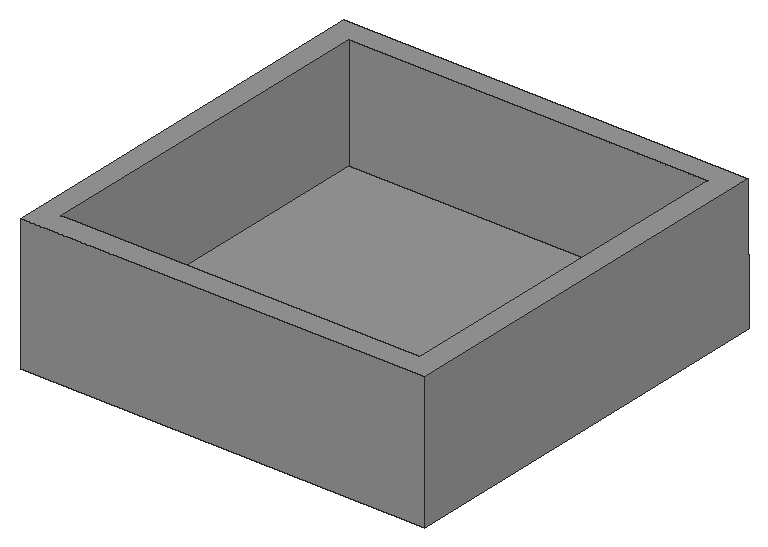
Revit family "Mop_Sink-Willoughby-WMS-363612", category Plumbing Fixtures, Revit 2015
Parameters (values of type "363612")
  Width = 3' - 0"
  Waste DIA = 1 1/2"
  Waste Connection = yes
  Void Width/Depth = Width - 0' 4"  # 2' - 8"
  Void Height = Height - 0' 0 3/16"  # 0' - 11 13/16"
  Vent Connection = no
  URL = "https://www.willoughby-ind.com/wp-content/uploads/2018/01/WMS-MOP-SINK.pdf"
  Revision = "A"
  Model = "WMS-363612"
  Manufacturer = "Willoughby Industries"
  Height = 1' - 0"
  HW Connection = no
  Fixture Body = Stainless Steel AISI 304-Willoughby
  Drain Depth = Depth / 2  # 1' - 6"
  Description = "Mop Sink, 36\" X 36\" X 12\""
  Depth = 3' - 0"
  Default Elevation = 0' - 0"
  Contact = "800-428-4065"
  CW Connection = no
Reference planes (in)
  plane 1 "Center (Front/Back) Floor Level": y = 0
  plane 2: z = 0
  plane 3 "Center (Left/Right)": x = 0
  plane 4 "Left Side": x = -18
  plane 5 "Right Side": x = 18
  plane 6 "Top Of Sink": y = 34
  plane 7 "Bottom Of Sink": y = 22
  plane 8 "Front of sink": z = 24
  plane 9 "Drain": z = 12
Forms (in)
  Extrusion 1, solid, material "Stainless Steel AISI 304-Willoughby" <- "Fixture Body"
    sketch origin (0, 38.25, -14.25) x (0, -1, 0) y (1, 0, 0)
      loop
        line (0, 18) -> (0, -18) -> (36, -18) -> (36, 18) -> (0, 18)
    from 0 to 12 <- "Height"
  Extrusion 2, void
    sketch origin (0, 38.25, 19.75) x (-1, 0, 0) y (0, -1, 0)
      loop
        line (-16, 2) -> (16, 2) -> (16, 34) -> (-16, 34) -> (-16, 2)
    from -32 to 11.8125 <- "Void Height"
  Revolve 3, solid, material "Stainless Steel AISI 304-Willoughby" <- "Fixture Body", detail levels fine
    sketch origin (0, 23.97274, -14.12145) x (0, 0, 1) y (0, -1, 0)
      loop
        line (-0.35714, 3.32674) -> (-0.12855, 3.32674) -> (-0.12855, 5.97274) -> (-0.34376, 5.97274)
        arc (-0.34376, 5.97274) -> (-0.69731, 5.82629) -> (-0.84376, 5.47274) r 0.5
        line (-0.84376, 5.47274) -> (-0.84376, 3.72274) -> (-3.85714, 3.72274) -> (-3.85714, 3.32674) -> (-0.35714, 3.32674)
      axis (-0.12855, 3.32674) -> (-3.85714, 3.32674)
    angle from 0 to 360
Cuts and joins
  Extrusion 2 cuts Extrusion 1
Lines and regions (in)
  symbolic lines
    curve 1: line (18, 22, 0) -> (-18, 22, 0)
    curve 2: line (-18, 22, 0) -> (-18, 34, 0)
    curve 3: line (-18, 34, 0) -> (18, 34, 0)
    curve 4: line (-18, 34, 24) -> (-18, 34, 0)
    curve 5: line (-18, 34, 0) -> (18, 34, 0)
    curve 6: line (18, 34, 0) -> (18, 34, 24)
    curve 7: line (18, 34, 24) -> (-18, 34, 24)
    curve 14: line (0, 34, 24) -> (0, 22, 24)
    curve 15: line (0, 22, 24) -> (0, 22, 0)
    curve 16: line (0, 22, 0) -> (0, 34, 0)
    curve 17: line (0, 34, 0) -> (0, 34, 24)
    curve 18: arc (0, 22, 15) -> (0, 21.65043, 14.8552) -> (0, 21.50563, 14.50563) r 0.49437
    curve 19: line (0, 21.50563, 14.50563) -> (0, 21.50563, 9.45539)
    curve 20: arc (0, 21.50563, 9.45539) -> (0, 21.66219, 9.1277) -> (0, 22, 8.99438) r 0.49627
    curve 21: line (0, 18.5, 11.25) -> (0, 21.50563, 11.25)
    curve 22: line (0, 18.5, 11.25) -> (0, 18.5, 12.75)
    curve 23: line (0, 18.5, 12.75) -> (0, 21.50563, 12.75)
    curve 24: line (18, 34, 0) -> (18, 22, 0)
  symbolic lines, detail levels medium+fine
    curve 8: line (-16, 34, 22) -> (-16, 34, 2)
    curve 9: line (-16, 34, 2) -> (16, 34, 2)
    curve 10: line (16, 34, 2) -> (16, 34, 22)
    curve 11: line (16, 34, 22) -> (-16, 34, 22)
  symbolic lines, detail levels fine
    curve 12: circle (0, 34, 12) r 0.75 normal (0, 1, 0)
    curve 13: circle (0, 34, 12) r 3 normal (0, 1, 0)
Dimensions and locks (in)
  equal spacing: plane 4 "Left Side", plane 3 "Center (Left/Right)", plane 5 "Right Side"
  "Width": plane 4 "Left Side" to plane 5 "Right Side"
  "Height": plane 6 "Top Of Sink" to plane 7 "Bottom Of Sink"  (x2)
  locked: cut or joined group of Extrusion 1, Extrusion 2 to cut or joined group of Extrusion 1, Extrusion 2 at 2  (x2)
  "Void Width/Depth": Extrusion 2 sketch curve to Extrusion 2 sketch curve  (x2)
  "Depth": cut or joined group of Extrusion 1, Extrusion 2 to cut or joined group of Extrusion 1, Extrusion 2
  cut or joined group of Extrusion 1, Extrusion 2 to Revolve 3 sketch curve = 1' - 5.604"  (x2)
  "Drain Depth": cut or joined group of Extrusion 1, Extrusion 2 to Revolve 3 sketch curve
  aligned and locked: Extrusion 1 to plane 4 "Left Side"
  aligned and locked: Extrusion 1 to plane 5 "Right Side"
  aligned and locked: Revolve 3 sketch curve to Revolve 3 sketch curve  (x2)
Automatic sketch dimensions
  curve 1 to plane 4 "Left Side" = 0' - 0"
  curve 1 to plane 5 "Right Side" = 0' - 0"
  curve 2 to plane 6 "Top Of Sink" = 0' - 0"
  curve 18 to plane 7 "Bottom Of Sink" = 0' - 0"
  curve 17 to plane 6 "Top Of Sink" = 0' - 0"
  curve 17 to level = 0' - 0"
  curve 15 to plane 8 "Front of sink" = 0' - 0"
  curve 19 to plane 7 "Bottom Of Sink" = 0' - 0.49437"
  curve 21 to plane 9 "Drain" = 0' - 0 3/4"
  curve 21 to curve 21 = 0' - 3.00563"
  plane 7 "Bottom Of Sink" to curve 20 = 0' - 0.00064"
  curve 19 to curve 21 = 0' - 1.79461"
  curve 20 to curve 20 = 0' - 0.03526"
  plane 9 "Drain" to curve 23 = 0' - 0 3/4"
  curve 23 to curve 18 = 0' - 1.75563"
  Extrusion 1 sketch curve to plane 5 "Right Side" = 0' - 0"
  Extrusion 1 sketch curve to plane 4 "Left Side" = 0' - 0"
  plane 6 "Top Of Sink" to Extrusion 1 sketch curve = 0' - 4 1/4"
  Extrusion 1 sketch curve to plane 7 "Bottom Of Sink" = 1' - 7 3/4"
  curve 12 to curve 13 = 0' - 0"  (x2)
  plane 5 "Right Side" to curve 6 = 0' - 0"
  curve 12 to plane 3 "Center (Left/Right)" = 0' - 0"
  curve 5 to level = 0' - 0"
  plane 4 "Left Side" to curve 5 = 0' - 0"
  curve 12 to plane 9 "Drain" = 0' - 0"
  curve 7 to plane 8 "Front of sink" = 0' - 0"
  plane 5 "Right Side" to curve 9 = 0' - 2"
  curve 11 to plane 4 "Left Side" = 0' - 2"
  level to curve 8 = 0' - 2"
  curve 11 to plane 8 "Front of sink" = 0' - 2"
  curve 2 to plane 7 "Bottom Of Sink" = 0' - 0"
  plane 5 "Right Side" to Extrusion 2 sketch curve = 0' - 2"
  plane 6 "Top Of Sink" to Extrusion 2 sketch curve = 0' - 2 1/4"
  Revolve 3 sketch curve to level = 1' - 5.97858"
  Revolve 3 sketch curve to Revolve 3 sketch curve = 0' - 3.01338"
  Revolve 3 sketch curve to Revolve 3 sketch curve = 0' - 0.48662"
  Revolve 3 sketch curve to Revolve 3 sketch curve = 0' - 0 1/2"
  Revolve 3 sketch curve to Revolve 3 sketch curve = 0' - 0.22858"
  Revolve 3 sketch curve to Revolve 3 sketch curve = 0' - 1 3/4"
  Revolve 3 sketch curve to Revolve 3 sketch curve = 0' - 0.02142"
  radius of curve 12 = 0' - 0 3/4"
  radius of curve 13 = 0' - 3"
